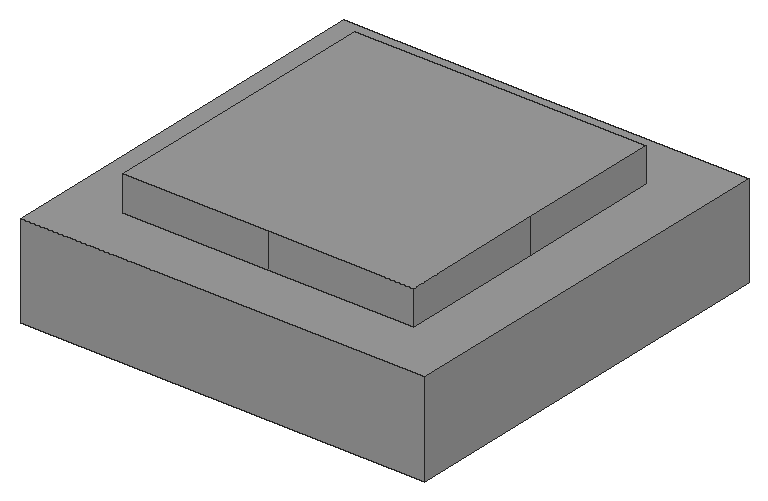
Revit family "33233_HOST_CLG", category Lighting Fixtures, host Ceiling, Revit 2012
Parameters (values of type "Ceiling and Wall Luminaires")
  Wattage = 5.77615 W
  built-in parameter 1150110 = 1 (stored number, unit not read)
  URL = "www.bega-us.com"
  built-in parameter 1114217 = 1 (stored number, unit not read)
  Tilt Angle = 90.00°
  built-in parameter 1150109 = 1 (stored number, unit not read)
  built-in parameter 1150134 = (empty or 0)
  Telephone = "805.684.0533"
  built-in parameter 1150113 = 1 (stored number, unit not read)
  Photometric Web File = "33233.IES"
  Model = "33233"
  Manufacturer = "BEGA-US"
  Lumens = 858 lm
  built-in parameter 1150115 = 1 (stored number, unit not read)
  built-in parameter 1150105 = 68.277 (stored number, unit not read)
  built-in parameter 1150137 = (empty or 0)
  built-in parameter 1150139 = (empty or 0)
  built-in parameter 1150112 = 1 (stored number, unit not read)
  built-in parameter 1150114 = 1 (stored number, unit not read)
  Lamp = "25W LED module"
  built-in parameter 1150132 = 2
  built-in parameter 1150102 = (empty or 0)
  built-in parameter 1150138 = (empty or 0)
  built-in parameter 1150107 = 3000 (stored number, unit not read)
  built-in parameter 1150106 = 0.68277 (stored number, unit not read)
  built-in parameter 1150104 = 13.8 (stored number, unit not read)
  Dimming Lamp Color Temperature Shift = <None>
  Description = "Ceiling and wall luminaires - LED"
  Color Filter = 16777215
  built-in parameter 1114218 = 1 (stored number, unit not read)
  built-in parameter 1150133 = 10 (stored number, unit not read)
Reference planes (in)
  plane 1 "Light Source Axis (F/B)": y = 0
  plane 2 "Ceiling": z = 96
  plane 3 "Light Source Axis (L/R)": x = 0
  plane 4 "Light Source Elevation": z = 92
Dimensions and locks (in)
  equal spacing: host sketch curve, plane 3 "Light Source Axis (L/R)", host sketch curve
  equal spacing: host sketch curve, plane 1 "Light Source Axis (F/B)", host sketch curve
  host sketch curve to host sketch curve = 10' - 0"  (x2)
  aligned and locked: plane 3 "Light Source Axis (L/R)" to imposter light
  aligned and locked: plane 1 "Light Source Axis (F/B)" to imposter light
  aligned and locked: plane 4 "Light Source Elevation" to imposter light
Nested families (in)
  nested 1: "3233LED" at (0, 0, 92.375), type "3233LED"
Connectors (in)
  electrical at (0, 0, 96)
    settings: on host ceiling, index 1, voltage 0 V, apparent load 0 VA, apparent load phase1 0 VA, apparent load phase2 0 VA, apparent load phase3 0 VA, power factor 1, load classification "Other", number of poles 1, system type 31, power factor state 1, is connector primary yes, connector utility no, sub classification motor no, connector description ""
Definition of nested family "3233LED"
  Reference planes (in)
    plane 1 "Center (Front/Back)": y = 0
    plane 2: z = 0
    plane 3 "Center (Left/Right)": x = 0
  Forms (in)
    Extrusion 1, solid, material "Polished Aluminum"
      sketch origin (0, 0, 0) x (1, 0, 0) y (0, 1, 0)
        loop
          line (0, 4.375) -> (-4.375, 4.375) -> (-4.375, 0) -> (-4.375, -4.375) -> (0, -4.375) -> (4.375, -4.375) -> (4.375, 0) -> (4.375, 4.375) -> (0, 4.375)
      from 0 to 0.375
    Extrusion 2, solid, material "Default"
      sketch origin (0, 0, 0) x (1, 0, 0) y (0, 1, 0)
        loop
          line (-5.125, 5.125) -> (-5.125, -5.125) -> (5.125, -5.125) -> (5.125, 5.125) -> (0, 5.125) -> (-5.125, 5.125)
      from 2.75 to 0.375
    Extrusion 3, void
      sketch origin (0, 0, 0) x (1, 0, 0) y (0, 1, 0)
        loop
          line (-4.875, -4.875) -> (4.875, -4.875) -> (4.875, 4.875) -> (-4.875, 4.875) -> (-4.875, -4.875)
      from 2.625 to 0.5
    Extrusion 4, solid, material "Default"
      sketch origin (0, 0, 0.125) x (1, 0, 0) y (0, 1, 0)
        loop
          line (0, 3.6875) -> (-3.6875, 3.6875) -> (-3.6875, 0) -> (-3.6875, -3.6875) -> (0, -3.6875) -> (3.6875, -3.6875) -> (3.6875, 0) -> (3.6875, 3.6875) -> (0, 3.6875)
      from 2.625 to 3.5
    Extrusion 5, void
      sketch origin (0, 0, 0) x (1, 0, 0) y (0, 1, 0)
        loop
          line (-3.5625, 3.5625) -> (-3.5625, -3.5625) -> (3.5625, -3.5625) -> (3.5625, 3.5625) -> (-3.5625, 3.5625)
      from 2 to 3.5
  Cuts and joins
    Extrusion 3 cuts Extrusion 1
    Extrusion 3, Extrusion 5 cuts Extrusion 2
    Extrusion 5 cuts Extrusion 4
  Dimensions and locks (in)
    aligned and locked: plane 2 to level
